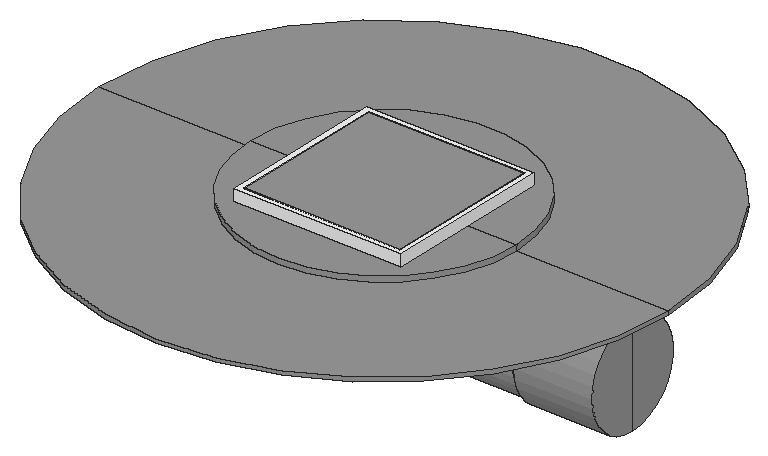
Revit family "HL_RU_Floor drain_HL80.1H-A-160411", category Instalační zařizovací předměty, Revit 2021
Family settings
  Kóta kulaté spojky = Použít průměr
  Typ dílu = Normální
  Číslo OmniClass = 23.70.50.21.24.14
  Nadpis OmniClass = Deck Waste Water Drains
  Založené na pracovní rovině = Ne
  Vždy vertikální = Ano
  Ořezat dutým tvarem při načtení = Ne
  Sdílené = Ano
  Bod výpočtu místnosti = Ano
Parameters (values of type "HL80.1H")
  Сифона длина [instance] = Насадка высота  # 12 mm
  РЕШЁТКА = "115x115mm / V2A"
  РАЗМЕР = "DN50/75"
  ПРОПУСКНАЯ СПОСОБНОСТЬ = 0.5 L/s
  ПРОИЗВОДИТЕЛЬНОСТЬ = "0,5 l/sec"
  ПРИЁМНОЕ ОТВЕРСТИЕ = ""
  ПРАВОВАЯ ИНФОРМАЦИЯ = "Авторские права(©), права на дизайн или какие либо другие права интелектуальной собственности являются исключительной собственностью компании HL Hutterer & Lechner. Изменению не подлежит. Файл семейства с данными о прозводителе изделия защищен паролем с водяным знаком."  # constant formula
  Насадка высота [instance] = 12 mm
  НОРМЫ = ""
  НОМИНАЛЬНЫЙ ДИАМЕТР [instance] = 75 mm
  НАСАДКА = "12-70mm / 123x123mm / PP"
  МАТЕРИАЛ = "PP/PE"
  МАКСИМАЛЬНАЯ НАГРУЗКА КЛАССА = "K3 - 300 kg"
  ВЫСОТА МОНТАЖА = "105 mm"
  ВЕС = "1,27 [kg]"
  Výchozí výška = 0 mm
  Přípoj ventilace = no
  Výrobce = "HL Hutterer & Lechner GmbH"  # constant formula
  URL = "http://www.hutterer-lechner.com/ru/Products/catalog/floor-drains/attachments/HL80.1H.aspx"
  Přípoj odpadních dílů = yes
  Přípoj HW = no
  Popis = "Трапы для внутренних помещений"
  Model = "HL80.1H"
  Komentáře k typům = "HL80.1H Трап для внутренних помещений DN50/75 поворотный с битумным полотном и запахозапирающим устройством, 123х123мм/115х115мм"
  Keynote = "HL80.1H"
  Высота монтажа [instance] = Насадка высота + 93 mm  # 105 mm
  Угол установки [instance] = 90.00°
  EAN = "9003076701810"
  E [instance] = if(and(НОМИНАЛЬНЫЙ ДИАМЕТР = 75 mm, Угол установки = 0.00°), 12 mm, 25 mm)  # 25 mm
  Přípoj CW = no
  C [instance] = if(НОМИНАЛЬНЫЙ ДИАМЕТР = 50 mm, 75.1 mm, 158.1 mm)  # 158.1 mm
  B [instance] = Высота монтажа - if(НОМИНАЛЬНЫЙ ДИАМЕТР = 50 mm, 28.8 mm, 41.3 mm)  # 63.7 mm
  A [instance] = if(B - 100 mm > 15 mm, B - 100 mm, 15 mm)  # 15 mm
Reference planes
  plane 1 "Center (Front/Back)": y = 0
  plane 2: z = 0
  plane 3 "Center (Left/Right)": x = 0
  plane 4 "Ball Joint Vertical": x = 25.45
  plane 5 "Installation height": z = -105
  plane 6: z = -63.7
  plane 7: z = 0
  plane 8: x = 25
Lines and regions (mm)
  model lines, style "InvisibleLines"
    curve 1: line (0, 0, 0) -> (0, 0, 1000)
  reference lines
    curve 2: line (25, 0, -63.7) -> (183.1, 0, -63.7)
  model lines, detail levels coarse+medium
    curve 3: line (0, 0, -63.7) -> (0, 0, -48.7)
    curve 4: line (0, 0, -48.7) -> (48.7, 0, 0)
    curve 5: line (0, 0, -48.7) -> (-48.7, 0, 0)
    curve 23: line (0, 0, -63.7) -> (25, 0, -63.7)
    curve 24: line (25, 0, -63.7) -> (183.1, 0, -63.7)
  symbolic lines, detail levels coarse+medium
    curve 6: line (-75, 75, 0) -> (75, 75, 0)
    curve 7: line (-75, -75, 0) -> (-75, 75, 0)
    curve 8: line (75, -75, 0) -> (-75, -75, 0)
    curve 9: line (75, 75, 0) -> (75, -75, 0)
    curve 10: line (75, 75, 0) -> (145.711, 145.711, 0)
    curve 11: line (75, -75, 0) -> (145.711, -145.711, 0)
    curve 12: line (-75, 75, 0) -> (-145.711, 145.711, 0)
    curve 13: line (-75, -75, 0) -> (-145.711, -145.711, 0)
  symbolic lines, not visible, detail levels coarse+medium
    curve 14: line (-75, 75, 0) -> (75, 75, 0)
    curve 15: line (-75, -75, 0) -> (-75, 75, 0)
    curve 16: line (75, -75, 0) -> (-75, -75, 0)
    curve 17: line (75, 75, 0) -> (75, -75, 0)
    curve 18: line (75, 75, 0) -> (145.711, 145.711, 0)
    curve 19: line (75, -75, 0) -> (145.711, -145.711, 0)
    curve 20: line (-75, 75, 0) -> (-145.711, 145.711, 0)
    curve 21: line (-75, -75, 0) -> (-145.711, -145.711, 0)
  symbolic lines
    curve 22: line (0, 0, -117.37) -> (0, 0, -111.57)
Text (mm)
  text "ПОЛ" at (-198.233, 0, -26.556), in view "Drain Construction View"
  text "Установочный угол HL80HK должен быть от 0° до 90°" at (45.141, 0, -304.215), in view "Drain Construction View"
Dimensions and locks
  "E": plane 8 to plane 3 "Center (Left/Right)"
  "Высота монтажа": plane 2 to plane 5 "Installation height"
  "A": curve 5 to plane 6
  "B": curve 5 to plane 6
  "B": curve 4 to plane 6
  "B": plane 2 to plane 6
  "C": curve 2 to curve 2
  "Насадка высота": level to nested 4
  locked: curve 4 to plane 3 "Center (Left/Right)" (angle 45.00°)
  locked: plane 3 "Center (Left/Right)" to curve 5 (angle 45.00°)
  "Угол установки": angle plane 8 to curve 2
  aligned and locked: level to plane 2
  aligned and locked: plane 2 to curve 1
  aligned and locked: plane 3 "Center (Left/Right)" to curve 1
  aligned and locked: plane 3 "Center (Left/Right)" to curve 3
  aligned and locked: plane 3 "Center (Left/Right)" to curve 5
  aligned and locked: plane 3 "Center (Left/Right)" to nested 4
  aligned and locked: plane 8 to curve 2
  aligned and locked: plane 6 to curve 2
  aligned and locked: nested 3 to nested 4
  aligned and locked: curve 23 to plane 6
  aligned and locked: curve 24 to curve 2
Automatic sketch dimensions
  curve 24 to curve 2 = 0 mm  (x2)
  curve 22 to plane 3 "Center (Left/Right)" = 0 mm
  curve 23 to plane 8 = 0 mm
  curve 22 to plane 5 "Installation height" = 6.57 mm
  curve 22 to curve 22 = 5.8 mm
  level to curve 1 = 1000 mm
Nested families
  nested 1: "HL_Решётка_HL037Pr.1E" at (0, 0, 0), type "HL037Pr.1E_Main Component"
  nested 2: "HL_Насадка_HL037N.2E" at (0, 0, 0), Высота монтажа <- "Сифона длина", type "HL037N.2E_Main Component"
    with Высота монтажа 12 mm, RN 2, RL 1 mm, R no, NL_Test yes, NL 32 mm
  nested 3: "HL_Вкладыш сифона_HL080.5E" at (0, 0, -31.77), type "HL080.5E_Main Component"
  nested 4: "HL_Корпус для трапа внутренних помещений_HL80HK" at (0, 0, -12), DN <- "НОМИНАЛЬНЫЙ ДИАМЕТР", Угол установки <- "Угол установки", type "HL80HK_Main Component"
    with Угол установки 90.00°, OE 5 mm, LV 0 mm, DT 10 mm, DN 75 mm
Connectors
  piping at (183.1, 0, -63.7), diameter 75, driven by "ПРОПУСКНАЯ СПОСОБНОСТЬ", driven by "НОМИНАЛЬНЫЙ ДИАМЕТР"
    settings: on curve 2, index 1, connector inside diameter 609.6 mm, connector length 0 mm, flow factor 0, pipe flow 0.5 L/s, pressure drop 0.0 Pa, fitting loss kfactor 0, connector angle 0.00°, fixture units 0, engagement length 0 mm, angle of deflection 0.00°, flow configuration 1, flow direction 2, fitting loss method 0, system type 16, joint type 0, gender type 0, connector reference index -1, connector utility 0, adjustable connector yes, is connector primary yes, connector description ""
Definition of nested family "HL_Решётка_HL037Pr.1E"
  Parameters (values of type "HL037Pr.1E")
    РАЗМЕР = "115x115mm"
    ПРАВОВАЯ ИНФОРМАЦИЯ = "Авторские права(©), права на дизайн или какие либо другие права интелектуальной собственности являются исключительной собственностью компании HL Hutterer & Lechner. Изменению не подлежит. Файл семейства с данными о прозводителе изделия защищен паролем с водяным знаком."  # constant formula
    МАТЕРИАЛ = "V2A"
    МАКСИМАЛЬНАЯ НАГРУЗКА КЛАССА = "K3 - 300 kg"
    ВЕС = "0,15 [kg]"
    Waste Connection = yes
    Default Elevation = 0 mm
    Vent Connection = no
    Manufacturer = "HL Hutterer & Lechner GmbH"  # constant formula
    URL = "http://www.hutterer-lechner.com/ru/products/catalog/floor-drains/attachments/HL037pr.1e.aspx"
    HW Connection = no
    Description = "Трапы для внутренних помещений - Комплектующие"
    Model = "HL037Pr.1E"
    Type Comments = "HL037Pr.1E Решётка из нержавеющей стали 115х115 мм"
    Keynote = "HL037Pr.1E"
    EAN = "9003076028474"
    CW Connection = no
  Reference planes
    plane 1 "Center (Front/Back)": y = 0
    plane 2: z = 0
    plane 3 "Center (Left/Right)": x = 0
    plane 4 "Ball Joint Vertical": x = 25.45
  Forms (mm)
    Extrusion 1, solid, detail levels fine
      sketch origin (0, 0, 0) x (1, 0, 0) y (0, 1, 0)
        loop
          line (57.5, 57.5) -> (-57.5, 57.5) -> (-57.5, -57.5) -> (57.5, -57.5) -> (57.5, 57.5)
      from 0 to -5
  Lines and regions (mm)
    model lines, detail levels fine
      curve 1: spline (-13.927, 0, 0) -> (-13.452, 1.165, 0) -> (-12.061, 2.25, 0) -> (-9.848, 3.182, 0) -> (-6.964, 3.897, 0) -> (-3.605, 4.347, 0) -> (0, 4.5, 0) -> (3.605, 4.347, 0) -> (6.964, 3.897, 0) -> (9.848, 3.182, 0) -> (12.061, 2.25, 0) -> (13.452, 1.165, 0) -> (13.927, 0, 0) -> (13.452, -1.165, 0) -> (12.061, -2.25, 0) -> (9.848, -3.182, 0) -> (6.964, -3.897, 0) -> (3.605, -4.347, 0) -> (0, -4.5, 0) -> (-3.605, -4.347, 0) -> (-6.964, -3.897, 0) -> (-9.848, -3.182, 0) -> (-12.061, -2.25, 0) -> (-13.452, -1.165, 0) -> (-13.927, 0, 0)
      curve 2: line (-5.9, 0.4, 0) -> (-11.9, 0.4, 0)
      curve 3: line (-3.65, -2, 0) -> (-3.65, 2, 0)
      curve 4: arc (-3.65, 2, 0) -> (-3.15, 2.5, 0) -> (-2.65, 2, 0) r 0.5
      curve 5: line (-2.65, 2, 0) -> (-2.65, 0.5, 0)
      curve 6: line (-2.65, 0.5, 0) -> (-0.65, 0.5, 0)
      curve 7: line (-0.65, 0.5, 0) -> (-0.65, 2, 0)
      curve 8: arc (-0.65, 2, 0) -> (-0.15, 2.5, 0) -> (0.35, 2, 0) r 0.5
      curve 9: line (0.35, 2, 0) -> (0.35, -2, 0)
      curve 10: arc (0.35, -2, 0) -> (-0.15, -2.5, 0) -> (-0.65, -2, 0) r 0.5
      curve 11: line (-0.65, -2, 0) -> (-0.65, -0.5, 0)
      curve 12: line (-0.65, -0.5, 0) -> (-2.65, -0.5, 0)
      curve 13: line (-2.65, -0.5, 0) -> (-2.65, -2, 0)
      curve 14: arc (-2.65, -2, 0) -> (-3.15, -2.5, 0) -> (-3.65, -2, 0) r 0.5
      curve 15: line (1.85, -2, 0) -> (1.85, 2, 0)
      curve 16: arc (1.85, 2, 0) -> (1.996, 2.354, 0) -> (2.35, 2.5, 0) r 0.5
      curve 17: arc (2.35, 2.5, 0) -> (2.704, 2.354, 0) -> (2.85, 2, 0) r 0.5
      curve 18: line (2.85, 2, 0) -> (2.85, -1, 0)
      curve 19: arc (2.85, -1, 0) -> (2.996, -1.354, 0) -> (3.35, -1.5, 0) r 0.5
      curve 20: line (3.35, -1.5, 0) -> (4.35, -1.5, 0)
      curve 21: arc (4.35, -1.5, 0) -> (4.85, -2, 0) -> (4.35, -2.5, 0) r 0.5
      curve 22: line (4.35, -2.5, 0) -> (2.35, -2.5, 0)
      curve 23: arc (2.35, -2.5, 0) -> (1.996, -2.354, 0) -> (1.85, -2, 0) r 0.5
      curve 24: line (12.1, 0.4, 0) -> (6.1, 0.4, 0)
      curve 25: line (-5.9, -0.4, 0) -> (-11.9, -0.4, 0)
      curve 26: line (12.1, -0.4, 0) -> (6.1, -0.4, 0)
      curve 27: line (-5.9, 0.4, 0) -> (-5.9, -0.4, 0)
      curve 28: line (-11.9, 0.4, 0) -> (-11.9, -0.4, 0)
      curve 29: line (6.1, 0.4, 0) -> (6.1, -0.4, 0)
      curve 30: line (12.1, 0.4, 0) -> (12.1, -0.4, 0)
      curve 31: arc (38.029, -24.059, 0) -> (45, 0, 0) -> (38.029, 24.059, 0) r 45
      curve 32: arc (38.029, 24.059, 0) -> (35.09, 25.896, 0) -> (31.82, 24.749, 0) r 4
      curve 33: arc (31.82, 24.749, 0) -> (30.673, 22.362, 0) -> (31.268, 19.782, 0) r 4
      curve 34: arc (31.268, 19.782, 0) -> (37, 0, 0) -> (31.268, -19.782, 0) r 37
      curve 35: arc (31.268, -19.782, 0) -> (30.673, -22.362, 0) -> (31.82, -24.749, 0) r 4
      curve 36: arc (31.82, -24.749, 0) -> (35.09, -25.896, 0) -> (38.029, -24.059, 0) r 4
      curve 37: arc (24.059, 38.029, 0) -> (0, 45, 0) -> (-24.059, 38.029, 0) r 45
      curve 38: arc (-24.059, 38.029, 0) -> (-25.896, 35.09, 0) -> (-24.749, 31.82, 0) r 4
      curve 39: arc (-24.749, 31.82, 0) -> (-22.362, 30.673, 0) -> (-19.782, 31.268, 0) r 4
      curve 40: arc (-19.782, 31.268, 0) -> (0, 37, 0) -> (19.782, 31.268, 0) r 37
      curve 41: arc (19.782, 31.268, 0) -> (22.362, 30.673, 0) -> (24.749, 31.82, 0) r 4
      curve 42: arc (24.749, 31.82, 0) -> (25.896, 35.09, 0) -> (24.059, 38.029, 0) r 4
      curve 43: arc (24.059, -38.029, 0) -> (0, -45, 0) -> (-24.059, -38.029, 0) r 45
      curve 44: arc (-24.059, -38.029, 0) -> (-25.896, -35.09, 0) -> (-24.749, -31.82, 0) r 4
      curve 45: arc (-24.749, -31.82, 0) -> (-22.362, -30.673, 0) -> (-19.782, -31.268, 0) r 4
      curve 46: arc (-19.782, -31.268, 0) -> (0, -37, 0) -> (19.782, -31.268, 0) r 37
      curve 47: arc (19.782, -31.268, 0) -> (22.362, -30.673, 0) -> (24.749, -31.82, 0) r 4
      curve 48: arc (24.749, -31.82, 0) -> (25.896, -35.09, 0) -> (24.059, -38.029, 0) r 4
      curve 49: arc (-38.029, -24.059, 0) -> (-45, 0, 0) -> (-38.029, 24.059, 0) r 45
      curve 50: arc (-38.029, 24.059, 0) -> (-35.09, 25.896, 0) -> (-31.82, 24.749, 0) r 4
      curve 51: arc (-31.82, 24.749, 0) -> (-30.673, 22.362, 0) -> (-31.268, 19.782, 0) r 4
      curve 52: arc (-31.268, 19.782, 0) -> (-37, 0, 0) -> (-31.268, -19.782, 0) r 37
      curve 53: arc (-31.268, -19.782, 0) -> (-30.673, -22.362, 0) -> (-31.82, -24.749, 0) r 4
      curve 54: arc (-31.82, -24.749, 0) -> (-35.09, -25.896, 0) -> (-38.029, -24.059, 0) r 4
    model lines
      curve 55: line (0, 0, 0) -> (0, 0, 100)
  Text (mm)
    text "ROOF/FLOOR" at (-198.233, 0, -26.556), in view "Drain Construction View"
  Dimensions and locks
    locked: plane 4 "Ball Joint Vertical" to plane 3 "Center (Left/Right)" at 25.45
    aligned and locked: level to plane 2
Definition of nested family "HL_Насадка_HL037N.2E"
  Parameters
    РАЗМЕР = "d 110 mm"
    ПРАВОВАЯ ИНФОРМАЦИЯ = "Авторские права(©), права на дизайн или какие либо другие права интелектуальной собственности являются исключительной собственностью компании HL Hutterer & Lechner. Изменению не подлежит. Файл семейства с данными о прозводителе изделия защищен паролем с водяным знаком."  # constant formula
    НАСАДКА = "123x123mm"
    МАТЕРИАЛ = "PP"
    Высота монтажа [instance] = 70 mm
    ВЫСОТА МОНТАЖА = "12-70mm"
    ВЕС = "0,08 [kg]"
    Waste Connection = yes
    Default Elevation = 0 mm
    Vent Connection = no
    RD = 6.5 mm  # constant formula
    R [instance] = ((Высота монтажа - NL_Min) / RD - 1) > 2  # yes
    RL [instance] = if(Высота монтажа < 18 mm, 1 mm, RD * RN)  # 71.5 mm
    NL_Test [instance] = and(or(Высота монтажа < NL_Max, Высота монтажа = NL_Max), or(Высота монтажа > NL_Min, Высота монтажа = NL_Min))  # yes
    NL_Min = 12 mm
    NL_Max = 70 mm
    NL [instance] = if(NL_Test, Высота монтажа + 20 mm, 0 mm)  # 90 mm
    RN [instance] = if((Высота монтажа + 20 mm - NL_Min) / RD - 1 < 2, 2, (Высота монтажа + 20 mm - NL_Min) / RD - 1)  # 11
    Manufacturer = "HL Hutterer & Lechner GmbH"  # constant formula
    URL = "http://www.hutterer-lechner.com/ru/products/catalog/floor-drains/attachments/HL037pr.11e.aspx"
    HW Connection = no
    Description = "Трапы для внутренних помещений - Комплектующие"
    Model = "HL037N.2E"
    Type Comments = "HL037N.2E Насадные подрамники d 110мм/90мм/123х123мм с О-кольцом"
    Keynote = "HL037N.2E"
    EAN = "9003076015290"
    CW Connection = no
  Reference planes
    plane 1 "Center (Front/Back)": y = 0
    plane 2: z = 0
    plane 3 "Center (Left/Right)": x = 0
    plane 4 "Ball Joint Vertical": x = 25.45
    plane 5: z = -90
  Forms (mm)
    Extrusion 1, solid, detail levels fine
      sketch origin (0, 0, 0) x (1, 0, 0) y (0, 1, 0)
        loop
          line (-61.5, 61.5) -> (-61.5, -61.5) -> (61.5, -61.5) -> (61.5, 61.5) -> (-61.5, 61.5)
      from -10 to 0
    Extrusion 2, solid, detail levels fine
      sketch origin (0, 0, 0) x (1, 0, 0) y (0, 1, 0)
        loop
          circle (0, 0) r 51.744
      from -90 to -10
    Extrusion 3, void
      sketch origin (0, 0, 0) x (1, 0, 0) y (0, 1, 0)
        loop
          line (-57.5, 57.5) -> (-57.5, -57.5) -> (57.5, -57.5) -> (57.5, 57.5) -> (-57.5, 57.5)
      from 0 to -8
  Cuts and joins
    Extrusion 3 cuts Extrusion 1
  Lines and regions (mm)
    symbolic lines
      curve 1: line (0, 0, -90) -> (0, 0, 0)
    model lines
      curve 2: line (0, 0, 0) -> (0, 0, 100)
  Text (mm)
    text "ROOF/FLOOR" at (-198.233, 0, -26.556), in view "Drain Construction View"
  Dimensions and locks
    locked: plane 4 "Ball Joint Vertical" to plane 3 "Center (Left/Right)" at 25.45
    "NL": plane 2 to plane 5
    equal spacing: group 1, group 3, group 4, group 5, group 6, group 7, group 8, group 9, group 10, group 11, group 2  (x3)
    "RL": nested 2 to nested 1
    locked: nested 1 to plane 5 at 1.516
    aligned and locked: level to plane 2
    aligned and locked: plane 3 "Center (Left/Right)" to nested 1
    aligned and locked: plane 1 "Center (Front/Back)" to nested 1
    aligned and locked: plane 2 to curve 1
    aligned and locked: plane 5 to curve 1
    aligned and locked: Extrusion 2 to plane 5
  Automatic sketch dimensions
    Extrusion 1 sketch curve to plane 3 "Center (Left/Right)" = 61.5 mm
    plane 4 "Ball Joint Vertical" to Extrusion 1 sketch curve = 36.05 mm
    plane 1 "Center (Front/Back)" to Extrusion 1 sketch curve = 61.5 mm
    Extrusion 1 sketch curve to plane 1 "Center (Front/Back)" = 61.5 mm
    plane 1 "Center (Front/Back)" to Extrusion 2 sketch curve = 0 mm
    Extrusion 2 sketch curve to plane 3 "Center (Left/Right)" = 0 mm
    Extrusion 3 sketch curve to plane 3 "Center (Left/Right)" = 57.5 mm
    plane 4 "Ball Joint Vertical" to Extrusion 3 sketch curve = 32.05 mm
    plane 1 "Center (Front/Back)" to Extrusion 3 sketch curve = 57.5 mm
    Extrusion 3 sketch curve to plane 1 "Center (Front/Back)" = 57.5 mm
    curve 2 to plane 3 "Center (Left/Right)" = 0 mm
    level to curve 2 = 100 mm
    radius of Extrusion 2 sketch curve = 51.744 mm
  Nested families
    nested 1: "Ring" at (0, 0, -88.484), visible <- "R", type "Ring"
      with R 51.7 mm, D 103.4 mm
    nested 2: "Ring" at (0, 0, -16.984), visible <- "R", type "Ring"
      with R 51.7 mm, D 103.4 mm
    nested 3: "Ring" at (0, 0, -81.334), visible <- "R", type "Ring"
      with R 51.7 mm, D 103.4 mm
    nested 4: "Ring" at (0, 0, -74.184), visible <- "R", type "Ring"
      with R 51.7 mm, D 103.4 mm
    nested 5: "Ring" at (0, 0, -67.034), visible <- "R", type "Ring"
      with R 51.7 mm, D 103.4 mm
    nested 6: "Ring" at (0, 0, -59.884), visible <- "R", type "Ring"
      with R 51.7 mm, D 103.4 mm
    nested 7: "Ring" at (0, 0, -52.734), visible <- "R", type "Ring"
      with R 51.7 mm, D 103.4 mm
    nested 8: "Ring" at (0, 0, -45.584), visible <- "R", type "Ring"
      with R 51.7 mm, D 103.4 mm
    nested 9: "Ring" at (0, 0, -38.434), visible <- "R", type "Ring"
      with R 51.7 mm, D 103.4 mm
    nested 10: "Ring" at (0, 0, -31.284), visible <- "R", type "Ring"
      with R 51.7 mm, D 103.4 mm
    nested 11: "Ring" at (0, 0, -24.134), visible <- "R", type "Ring"
      with R 51.7 mm, D 103.4 mm
  Definition of nested family "Ring"
    Parameters (values of type "Ring")
      Manufacturer = ""
      Default Elevation = 0 mm
      URL = ""
      R = D / 2  # 51.5 mm
      Description = ""
      Model = ""
      Material = none
      Type Comments = ""
      D = 103 mm
      Cost = 0
    Reference planes
      plane 1 "Střed (vpředu/vzadu)": y = 0
      plane 2: z = 0
      plane 3 "Střed (vlevo/vpravo)": x = 0
    Forms (mm)
      Revolve 1, solid, material <- "Material", detail levels fine
        sketch origin (0, 0, 0) x (1, 0, 0) y (0, 0, 1)
          loop
            line (-51.5, 1.482) -> (-54.764, 0) -> (-51.5, -1.516) -> (-51.5, 1.482)
          axis (0, 1.482) -> (0, -1.516)
        angle from 0 to 360
    Dimensions and locks
      "R": Revolve 1 sketch curve to plane 3 "Střed (vlevo/vpravo)"
      aligned and locked: level to plane 2
      aligned and locked: Revolve 1 sketch curve to plane 3 "Střed (vlevo/vpravo)"
    Automatic sketch dimensions
      Revolve 1 sketch curve to level = 0 mm
      Revolve 1 sketch curve to Revolve 1 sketch curve = 3.264 mm
      Revolve 1 sketch curve to level = 1.516 mm
      level to Revolve 1 sketch curve = 1.482 mm
      Revolve 1 sketch curve to level = 381 mm
      Revolve 1 sketch curve to Revolve 1 sketch curve = 2212.833 mm
Definition of nested family "HL_Вкладыш сифона_HL080.5E"
  Parameters (values of type "HL080.5E")
    ПРАВОВАЯ ИНФОРМАЦИЯ = "Авторские права(©), права на дизайн или какие либо другие права интелектуальной собственности являются исключительной собственностью компании HL Hutterer & Lechner. Изменению не подлежит. Файл семейства с данными о прозводителе изделия защищен паролем с водяным знаком."  # constant formula
    МАТЕРИАЛ = "PP"
    ВЕС = "0,06 [kg]"
    Waste Connection = yes
    Default Elevation = 0 mm
    Vent Connection = no
    Manufacturer = "HL Hutterer & Lechner GmbH"  # constant formula
    URL = "http://www.hutterer-lechner.com/ru/products/catalog/floor-drains/attachments/HL080.5e.aspx"
    HW Connection = no
    Description = "Трапы для внутренних помещений - Комплектующие"
    Model = "HL080.5E"
    Type Comments = "HL080.5E Вкладыш запахозапирающий комплектный"
    Keynote = "HL080.5E"
    EAN = "9003076008056"
    CW Connection = no
  Reference planes
    plane 1 "Center (Front/Back)": y = 0
    plane 2: z = 0
    plane 3 "Center (Left/Right)": x = 0
    plane 4 "Ball Joint Vertical": x = 25.45
  Forms (mm)
    Revolve 1, solid, detail levels fine
      sketch origin (0, 0, 0) x (0, 1, 0) y (0, 0, 1)
        loop
          line (45.5, 0) -> (41.274, 0) -> (39, -6) -> (34.32, -6) -> (33.563, -33.989)
          arc (33.563, -33.989) -> (31.389, -41.15) -> (25.867, -46.2) r 14.147
          line (25.867, -46.2) -> (18.053, -46.2) -> (16.601, 9) -> (15, 9) -> (16.5, -48) -> (26.266, -48)
          arc (26.266, -48) -> (32.797, -42.285) -> (35.378, -34) r 15.98
          line (35.378, -34) -> (36.095, -7.5) -> (45.5, -7.5) -> (45.5, 0)
        axis (0, 9) -> (0, -48)
      angle from 0 to 360
    Revolve 2, solid, detail levels fine
      sketch origin (0, 0, 0) x (0, 1, 0) y (0, 0, 1)
        loop
          line (26.081, -39) -> (26.081, 21) -> (0, 21) -> (0, 19.2) -> (24.65, 19.2) -> (24.65, -39) -> (26.081, -39)
        axis (0, 21) -> (0, -39)
      angle from 0 to 360
  Text (mm)
    text "ROOF/FLOOR" at (-198.233, 0, -26.556), in view "Drain Construction View"
  Dimensions and locks
    locked: plane 4 "Ball Joint Vertical" to plane 3 "Center (Left/Right)" at 25.45
    aligned and locked: level to plane 2
Definition of nested family "HL_Корпус для трапа внутренних помещений_HL80HK"
  Parameters (values of type "HL80HK")
    РАЗМЕР = "DN50/75"
    ПРАВОВАЯ ИНФОРМАЦИЯ = "Авторские права(©), права на дизайн или какие либо другие права интелектуальной собственности являются исключительной собственностью компании HL Hutterer & Lechner. Изменению не подлежит. Файл семейства с данными о прозводителе изделия защищен паролем с водяным знаком."  # constant formula
    МАТЕРИАЛ = "PP/PE"
    ВЫСОТА МОНТАЖА = "91 mm"
    ВЕС = "1,03 [kg]"
    Waste Connection = yes
    Default Elevation = 0 mm
    Vent Connection = no
    Manufacturer = "HL Hutterer & Lechner GmbH"  # constant formula
    LV [instance] = if(DN = 75 mm, 0 mm, 83 mm)  # 0 mm
    HW Connection = no
    URL = "http://www.hutterer-lechner.com/ru/Products/catalog/floor-drains/attachments/HL80HK.aspx"
    RN2 = DN2 / 2  # 37.5 mm
    RN1 = DN1 / 2  # 25 mm
    Description = "Кровельные воронки - Комплектующие"
    EAN = "9003076002108"
    DT [instance] = if(DN = DN1, 10 mm, if(DN = DN2, 10 mm, 0 mm))  # 10 mm
    DN [instance] = 75 mm
    CW Connection = no
    OL = 155 mm  # constant formula
    OE [instance] = if(Угол установки > 0.00°, 5 mm, 30 mm)  # 5 mm
    Model = "HL80HK"
    Type Comments = "HL80HK Корпус трапа (для внутренних помещений, балконов и террас) DN50/75 поворотный с битумным полотном."
    Keynote = "HL80HK"
    Угол установки [instance] = 90.00°
    DN2 = 75 mm  # constant formula
    DN1 = 50 mm  # constant formula
  Reference planes
    plane 1 "Center (Front/Back)": y = 0
    plane 2: z = 0
    plane 3 "Center (Left/Right)": x = 0
    plane 4: z = 0
    plane 5: z = -90
    plane 6: z = -215
    plane 7 "Ball joint horizontal": z = -64.2
    plane 8 "Ball Joint Vertical": x = 25.45
  Forms (mm)
    Revolve 1, solid, detail levels fine
      sketch origin (0, 0, -30) x (1, 0, 0) y (0, 0, 1)
        loop
          line (-98.112, 30) -> (-210.108, 30) -> (-210.108, 27) -> (-110.111, 27) -> (-110.111, 22.891) -> (-93.745, 22.891) -> (-93.745, 18.106) -> (-57.51, 18.106) -> (-57.51, 2.73) -> (-44.799, 2.73) -> (-44.799, -23.765)
          arc (-44.799, -23.765) -> (-26.756, -44.906) -> (-0.107, -52.803) r 48.911
          line (-0.107, -52.803) -> (-0.107, 33.918) -> (-98.112, 33.918) -> (-98.112, 30)
        axis (-0.107, 33.918) -> (-0.107, -52.803)
      angle from 0 to 360
    Sweep 2, solid, detail levels fine
      path in 3D
        loop
          line (5.45, 0, -64.2) -> (180.45, 0, -64.2)
      profile origin (92.95, 0, -64.2) x (0, 0, 1) y (0, -1, 0)
        loop
          circle (0, 0) r 25
    Revolve 3, solid, detail levels fine
      sketch origin (90.45, 0, -51.7) x (1, 0, 0) y (0, 0, 1)
        loop
          line (92.64, 0) -> (92.64, 37.5) -> (35.328, 37.5) -> (-2.031, 0) -> (92.64, 0)
        axis (-2.031, 0) -> (92.64, 0)
      angle from 0 to 360
    Revolve 4, solid, detail levels fine
      sketch origin (0, 0, -30) x (1, 0, 0) y (0, 0, 1)
        loop
          arc (-5.105, -62.233) -> (18.28, -60.002) -> (38.242, -47.618) r 51.5
          line (38.242, -47.618) -> (13.269, -22.645) -> (-15.712, -51.627) -> (-5.105, -62.233)
        axis (13.269, -22.645) -> (38.242, -47.618)
      angle from 0 to 360
    Extrusion 5, solid, detail levels fine
      sketch origin (0, 0, -30) x (0, 1, 0) y (0, 0, 1)
        loop
          line (46.485, 6) -> (-46.509, 6) -> (-45.296, -38.425)
          arc (-45.296, -38.425) -> (-0.041, -54.245) -> (45.232, -38.476) r 72.755
          line (45.232, -38.476) -> (46.485, 6)
      from -18 to -9
    Extrusion 6, void
      sketch origin (0, 0, 0) x (0, 1, 0) y (0, 0, 1)
        loop
          line (41.219, -68.961) -> (63.338, -68.961) -> (63.338, -27.27) -> (42.393, -27.27) -> (41.219, -68.961)
        loop
          line (-41.264, -68.961) -> (-42.438, -27.27) -> (-63.338, -27.27) -> (-63.338, -68.961) -> (-41.264, -68.961)
      from -9 to 18.461
    Extrusion 7, void
      sketch origin (183.09, 0, -51.7) x (0, -1, 0) y (0, 0, 1)
        loop
          circle (0, 0) r 38
      from -2 to 0 <- "LV"
  Cuts and joins
    Extrusion 6, Extrusion 7 cuts Revolve 1
    Extrusion 6, Extrusion 7 cuts Sweep 2
    Extrusion 6, Extrusion 7 cuts Revolve 3
    Extrusion 6, Extrusion 7 cuts Revolve 4
    Extrusion 6, Extrusion 7 cuts Extrusion 5
    joined: Revolve 1, Sweep 2, Revolve 3, Revolve 4, Extrusion 5
  Lines and regions (mm)
    reference lines
      curve 1: line (25.45, 0, -64.2) -> (180.45, 0, -64.2)
      curve 2: line (90.45, 0, -51.7) -> (180.45, 0, -51.7)
      curve 3: line (180.45, 0, -64.2) -> (180.45, 0, -46.7)
      curve 5: line (180.45, 0, -46.7) -> (90.45, 0, -46.7)
    sketch lines
      curve 4: line (5.45, 0, -64.2) -> (180.45, 0, -64.2)
    symbolic lines
      curve 6: line (71.515, 0, -43.528) -> (71.515, 0, -89.188)
    model lines, not visible
      curve 7: line (-0.107, 0, 0) -> (-0.107, 0, -10)
  Dimensions and locks
    plane 4 to plane 5 = 90 mm
    plane 4 to plane 6 = 215 mm
    locked: plane 4 to plane 7 "Ball joint horizontal" at 64.2
    locked: plane 8 "Ball Joint Vertical" to plane 3 "Center (Left/Right)" at 25.45
    locked: curve 3 to curve 2 at 90
    "OL": curve 3 to curve 1
    "RN2": Revolve 3 sketch curve to Revolve 3 sketch curve
    locked: Revolve 3 sketch curve to Revolve 3 sketch curve at 94.672
    Revolve 3 sketch curve to Revolve 3 sketch curve = 57.312 mm
    locked: curve 5 to curve 5 at 90
    locked: curve 5 to curve 1 at 17.5
    "OE": curve 5 to curve 2
    Revolve 1 sketch curve to Revolve 1 sketch curve to Revolve 1 sketch curve to Revolve 1 sketch curve to Revolve 1 sketch curve to Revolve 1 sketch curve = 99.997 mm locked, 11.999 mm locked, 40.602 mm locked, 12.711 mm locked, 44.692 mm locked
    plane 2 to plane 4 = 0 mm
    Revolve 1 sketch curve to plane 5 = 56.108 mm
    locked: plane 4 to cut or joined group of Revolve 1, Sweep 2, Revolve 3, Revolve 4, Extrusion 5, Extrusion 6, Extrusion 7 at 3
    Revolve 1 sketch curve to plane 4 to Revolve 1 sketch curve to Revolve 1 sketch curve to Revolve 1 sketch curve to Revolve 1 sketch curve to Revolve 1 sketch curve = 3.918 mm locked, 3 mm locked, 4.109 mm locked, 4.785 mm locked, 15.376 mm locked, 6.621 mm locked
    locked: plane 4 to Extrusion 5 sketch curve at 24
    locked: Revolve 4 sketch curve to plane 7 "Ball joint horizontal" at 22.998
    locked: plane 8 "Ball Joint Vertical" to Revolve 4 sketch curve at 23.624
    Extrusion 7 sketch curve to curve 2 = 0 mm
    "DT": curve 7 to curve 7
    "DN1": diameter of Sweep 2 sketch curve
    radius of Extrusion 7 sketch curve = 38 mm
    "Угол установки": angle plane 8 "Ball Joint Vertical" to curve 1
    locked: curve 3 to curve 1 (angle 90.00°)
    locked: curve 2 to curve 3 (angle 90.00°)
    locked: curve 5 to curve 3 (angle 90.00°)
    aligned and locked: level to plane 2
    aligned and locked: plane 8 "Ball Joint Vertical" to curve 1
    aligned and locked: plane 7 "Ball joint horizontal" to curve 1
    aligned and locked: plane 4 to Revolve 1 sketch curve
    aligned and locked: Revolve 1 sketch curve to Revolve 1 sketch curve
    aligned and locked: Revolve 3 sketch curve to curve 2
  Automatic sketch dimensions
    Revolve 4 sketch curve to plane 5 = 2.233 mm
    Revolve 4 sketch curve to plane 3 "Center (Left/Right)" = 5.105 mm
    plane 5 to Revolve 4 sketch curve = 8.373 mm
    Revolve 4 sketch curve to Revolve 4 sketch curve = 10.607 mm
    plane 7 "Ball joint horizontal" to Revolve 4 sketch curve = 11.555 mm
    Revolve 4 sketch curve to Revolve 4 sketch curve = 2.288 mm  (x2)
    plane 5 to Revolve 4 sketch curve = 5.833 mm
    Revolve 4 sketch curve to Revolve 4 sketch curve = 6.549 mm
    Revolve 1 sketch curve to plane 3 "Center (Left/Right)" = 0.107 mm
    plane 7 "Ball joint horizontal" to Revolve 1 sketch curve = 10.435 mm
    Revolve 1 sketch curve to Revolve 1 sketch curve = 4.366 mm
    Revolve 1 sketch curve to plane 6 = 96 mm
    Revolve 1 sketch curve to Revolve 1 sketch curve = 2210.397 mm
    Extrusion 6 sketch curve to plane 7 "Ball joint horizontal" = 4.761 mm  (x2)
    plane 1 "Center (Front/Back)" to Extrusion 6 sketch curve = 63.338 mm
    Extrusion 6 sketch curve to Extrusion 6 sketch curve = 20.9 mm
    Extrusion 6 sketch curve to Extrusion 6 sketch curve = 22.075 mm
    Extrusion 6 sketch curve to plane 1 "Center (Front/Back)" = 41.219 mm
    Extrusion 6 sketch curve to Extrusion 6 sketch curve = 1.175 mm
    Extrusion 6 sketch curve to Extrusion 6 sketch curve = 20.945 mm
    Extrusion 6 sketch curve to level = 27.27 mm  (x2)
    Extrusion 5 sketch curve to plane 1 "Center (Front/Back)" = 0 mm
    Extrusion 5 sketch curve to plane 7 "Ball joint horizontal" = 4.225 mm
    plane 1 "Center (Front/Back)" to Extrusion 5 sketch curve = 45.296 mm
    Extrusion 5 sketch curve to Extrusion 5 sketch curve = 1.213 mm
    Extrusion 5 sketch curve to level = 11.49 mm
    Extrusion 5 sketch curve to plane 7 "Ball joint horizontal" = 4.276 mm
    Extrusion 5 sketch curve to Extrusion 5 sketch curve = 1.253 mm
    curve 7 to level = 0 mm
    curve 7 to plane 3 "Center (Left/Right)" = 0.107 mm
    plane 5 to curve 6 = 0.812 mm
    plane 8 "Ball Joint Vertical" to curve 6 = 46.065 mm
    plane 7 "Ball joint horizontal" to curve 6 = 20.672 mm
    profile plane to Sweep 2 sketch curve = 0 mm
    Sweep 2 sketch curve to profile plane = 0 mm
    Revolve 3 sketch curve to curve 2 = 0 mm  (x3)
    Revolve 3 sketch curve to curve 2 = 2.031 mm
